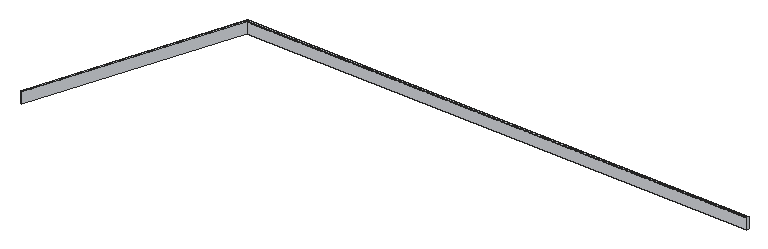
Revit family "Финальные направляющие", category Специальное оборудование, Revit 2019
Family settings
  Размер круглого соединителя = Использовать диаметр
  Тип детали = Нормальный
  На основе рабочей плоскости = Да
  Всегда вертикально = Нет
  При загрузке вырезать с полостями = Нет
  Общий = Да
  Точка расчета площади = Нет
Parameters (values of type "Прокат_полоса 25х4")
  Ширина = 4 mm
  Число = 0 mm
  Угол 1/вспомогательный [instance] = if(Угол 1 > 179.00°, 179.00°, Угол 1)  # 109.00°
  Угол 1 [instance] = 109.00°
  Труба_круг = no
  Труба_квадрат = no
  Толщина стенки трубы = 1 mm
  Расчет [instance] = ""
  Прокат_круг = no
  Прокат_квадрат = yes
  Позиция для ограждения = 0
  Default Elevation = 1219.2 mm
  Масса = 0.00 kg
  Марка ограждения [instance] = ""
  Длина сегмента [instance] = 480 mm
  Группа модели = "Элемент ограждения"  # constant formula
  Высота/Диаметр = 25 mm
  Описание = "ОГ"
  Длина [instance] = 1150 mm
  ADSK_Размер_Длина [instance] = Длина + Длина сегмента  # 1630 mm
  ADSK_Позиция [instance] = ""
  ADSK_Обозначение = "С235 ГОСТ27772-2015"
  ADSK_Номер секции [instance] = ""
  ADSK_Наименование = "Полоса 4х25 ГОСТ 103-2006"
  ADSK_Масса погонного метра = 2.74
  ADSK_Масса [instance] = ADSK_Масса погонного метра * ADSK_Размер_Длина / 1000 mm  # 4.4662
Types (6, lengths in mm): name | Ширина | Труба_круг | Труба_квадрат | Толщина стенки трубы | Прокат_круг | Прокат_квадрат | Высота/Диаметр
  Труба_квадрат_40х100 | 40 | no | yes | 2.5 | no | no | 100
  Труба_круг_50х2.5 | 15 | yes | no | 2.5 | no | no | 50
  Прокат_круг_20х2,5 | 15 | no | no | 2.5 | yes | no | 20
  Прокат_квадрат_20х20 | 20 | no | no | 2.5 | no | yes | 20
  Прокат_полоса 25х4 | 4 | no | no | 1 | no | yes | 25
  Прокат_полоса_40х4 | 4 | no | yes | 1 | no | no | 40
Reference planes
  plane 1 "По центру (Вперед/Назад)": y = 0
  plane 2: z = 0
  plane 3 "По центру (Влево/Вправо)": x = 0
  plane 4: x = 1150
  plane 5: z = -25
  plane 6: z = -12.5
  plane 7: y = -2
  plane 8: y = 2
  plane 9: x = 575
Forms (mm)
  Sweep 1, solid, visible <- "Труба_круг"
    path in 3D
      loop
        line (0, 0, 0) -> (1150, 0, 0)
    profile "круглый профиль_полый : Круглый профиль_полый" origin (575, 0, 0) x (0, 1, 0) y (0, 0, 1)
      loop
        circle (0, -12.5) r 11.5
      loop
        circle (0, -12.5) r 12.5
  Sweep 2, solid, visible <- "Труба_квадрат"
    path in 3D
      loop
        line (0, 0, 0) -> (1150, 0, 0)
    profile "квадратный профиль_полый : Круглый профиль_полый" origin (575, 0, 0) x (0, 1, 0) y (0, 0, 1)
      loop
        line (-1, -1) -> (-1, -24) -> (1, -24) -> (1, -1) -> (-1, -1)
      loop
        line (-2, 0) -> (-2, -25) -> (2, -25) -> (2, 0) -> (-2, 0)
  Sweep 3, solid, visible <- "Прокат_квадрат"
    path in 3D
      loop
        line (0, 0, 0) -> (1150, 0, 0)
    profile "квадратный профиль : Круглый профиль_полый" origin (575, 0, 0) x (0, 1, 0) y (0, 0, 1)
      loop
        line (-2, 0) -> (-2, -25) -> (2, -25) -> (2, 0) -> (-2, 0)
  Sweep 4, solid, visible <- "Прокат_круг"
    path in 3D
      loop
        line (0, 0, 0) -> (1150, 0, 0)
    profile "круглый профиль : Круглый профиль_полый" origin (575, 0, 0) x (0, 1, 0) y (0, 0, 1)
      loop
        circle (0, -12.5) r 12.5
  Sweep 5, solid
    path origin (0, 0, 0) x (1, 0, 0) y (0, 1, 0)
      loop
        line (-156.273, -453.849) -> (0, 0) -> (1150, 0)
    profile "квадратный профиль_полый : Круглый профиль_полый" origin (575, 0, 0) x (0, 1, 0) y (0, 0, 1)
      loop
        line (-1, -1) -> (-1, -24) -> (1, -24) -> (1, -1) -> (-1, -1)
      loop
        line (-2, 0) -> (-2, -25) -> (2, -25) -> (2, 0) -> (-2, 0)
Lines and regions (mm)
  reference lines
    curve 1: line (0, 0, 0) -> (0, 0, -25)
    curve 2: line (0, 3, 0) -> (0, -3, 0)
    curve 3: line (0, 0, 0) -> (1150, 0, 0)
    curve 4: line (0, -2, -12.5) -> (0, 2, -12.5)
    curve 5: line (0, 0, -12.5) -> (1150, 0, -12.5)
    curve 6: line (0, -2, 0) -> (0, 2, 0)
    curve 7: line (0, -2, -25) -> (0, -2, 0)
    curve 8: line (0, 2, -25) -> (0, -2, -25)
    curve 9: line (0, 2, 0) -> (0, 2, -25)
    curve 10: line (0, 0, -25) -> (1150, 0, -25)
    curve 15: line (0, 0, 0) -> (-156.273, -453.849, 0)
    curve 16: line (0, 0, 0) -> (-8.487, -24.648, 0)
  sketch lines
    curve 11: line (0, 0, 0) -> (1150, 0, 0)
    curve 12: line (0, 0, 0) -> (1150, 0, 0)
    curve 13: line (0, 0, 0) -> (1150, 0, 0)
    curve 14: line (0, 0, 0) -> (1150, 0, 0)
Dimensions and locks
  "Длина": plane 4 to plane 3 "По центру (Влево/Вправо)"
  "Ширина": plane 7 to plane 8
  "Высота/Диаметр": plane 2 to plane 5
  equal spacing: plane 2, plane 6, plane 5
  equal spacing: plane 7, plane 1 "По центру (Вперед/Назад)", plane 8
  equal spacing: plane 3 "По центру (Влево/Вправо)", plane 9, plane 4
  "Длина сегмента": curve 15 to curve 15
  "Угол 1/вспомогательный": angle curve 15 to plane 1 "По центру (Вперед/Назад)"
  aligned and locked: level to plane 2
  aligned and locked: plane 1 "По центру (Вперед/Назад)" to curve 1
  aligned and locked: curve 2 to plane 2
  aligned and locked: plane 3 "По центру (Влево/Вправо)" to curve 3
  aligned and locked: plane 4 to curve 3
  aligned and locked: plane 1 "По центру (Вперед/Назад)" to curve 3
  aligned and locked: curve 4 to plane 6
  aligned and locked: plane 8 to curve 4
  aligned and locked: plane 7 to curve 4
  aligned and locked: plane 5 to curve 1
  aligned and locked: plane 2 to curve 1
  aligned and locked: plane 2 to curve 3  (x2)
  aligned and locked: plane 3 "По центру (Влево/Вправо)" to curve 5
  aligned and locked: plane 4 to curve 5
  aligned and locked: curve 5 to plane 6
  aligned and locked: plane 7 to curve 7
  aligned and locked: plane 5 to curve 8
  aligned and locked: curve 9 to plane 8
  aligned and locked: curve 6 to plane 2
  aligned and locked: curve 1 to curve 10
  aligned and locked: Sweep 1 to curve 10
  aligned and locked: curve 10 to plane 5
  aligned and locked: plane 1 "По центру (Вперед/Назад)" to curve 5  (x3)
  aligned and locked: plane 6 to curve 5  (x2)
  aligned and locked: plane 3 "По центру (Влево/Вправо)" to Sweep 2
  aligned and locked: Sweep 2 to plane 4
  aligned and locked: plane 3 "По центру (Влево/Вправо)" to curve 6
  aligned and locked: plane 4 to Sweep 2  (x2)
  aligned and locked: plane 3 "По центру (Влево/Вправо)" to Sweep 1
  aligned and locked: Sweep 1 to plane 4
  aligned and locked: Sweep 4 to plane 4
  aligned and locked: plane 3 "По центру (Влево/Вправо)" to Sweep 4
  aligned and locked: plane 3 "По центру (Влево/Вправо)" to Sweep 3
  aligned and locked: Sweep 3 to plane 4
  aligned and locked: curve 15 to Sweep 5 sketch curve
  aligned and locked: curve 3 to Sweep 5 sketch curve
  aligned and locked: Sweep 5 sketch curve to curve 15  (x2)
Automatic sketch dimensions
  plane 7 to curve 2 = 5 mm
  curve 2 to plane 8 = 5 mm
  plane 4 to curve 10 = 0 mm
  Sweep 5 sketch curve to plane 4 = 0 mm
  curve 16 to plane 3 "По центру (Влево/Вправо)" = 8.487 mm
  curve 16 to plane 7 = 22.648 mm
